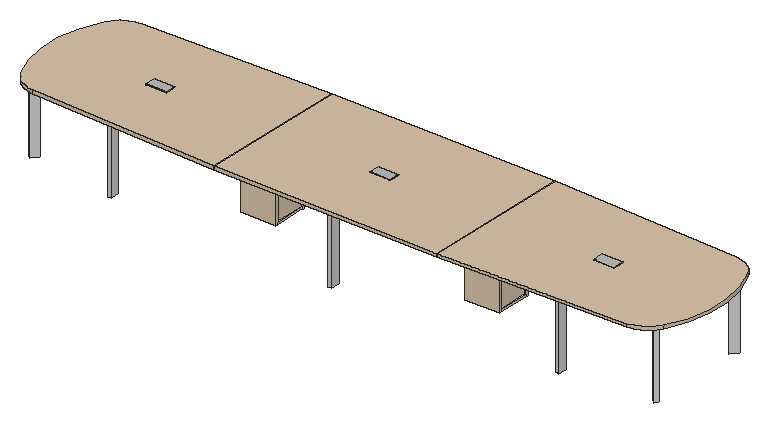
Revit family "Haworth_Planes_ConferenceTable_PebbleThreePiece", category Furniture Systems, Revit 2018 (continued)
Definition of nested family "Haworth_Planes_Worksurface_Pebble_3Piece_PART"
  Definition of nested family "Haworth_Planes_Worksurface_Pebble54_3Pieces_Part"
    Lines and regions (in)
      Masking region 8, visible <- "228w"
        outline origin (-303.59217, -487.22586, 0) x (1, 0, 0) y (0, 1, 0)
          loop
            arc (193.36233, 519.11636) -> (190.07217, 502.22586) -> (193.36233, 485.33535) r 45
            arc (193.36233, 485.33535) -> (197.34768, 480.19276) -> (203.43105, 477.88586) r 12
            arc (203.43105, 477.88586) -> (233.81499, 476.01112) -> (264.2503, 475.38586) r 741.0463
            line (264.2503, 475.38586) -> (342.93404, 475.38586)
            arc (342.93404, 475.38586) -> (373.36935, 476.01112) -> (403.75329, 477.88586) r 741.0463
            arc (403.75329, 477.88586) -> (409.83666, 480.19276) -> (413.82201, 485.33535) r 12
            arc (413.82201, 485.33535) -> (417.11217, 502.22586) -> (413.82201, 519.11636) r 45
            arc (413.82201, 519.11636) -> (409.83666, 524.25895) -> (403.75329, 526.56586) r 12
            arc (403.75329, 526.56586) -> (373.36935, 528.44059) -> (342.93404, 529.06586) r 741.0463
            line (342.93404, 529.06586) -> (264.2503, 529.06586)
            arc (264.2503, 529.06586) -> (233.81499, 528.44059) -> (203.43105, 526.56586) r 741.0463
            arc (203.43105, 526.56586) -> (197.34768, 524.25895) -> (193.36233, 519.11636) r 12
      Masking region 9, visible <- "234w"
        outline origin (-302.7499, -543.20476, 0) x (1, 0, 0) y (0, 1, 0)
          loop
            arc (189.52006, 575.09527) -> (186.2299, 558.20476) -> (189.52006, 541.31426) r 45
            arc (189.52006, 541.31426) -> (193.5054, 536.17167) -> (199.58878, 533.86476) r 12
            arc (199.58878, 533.86476) -> (230.97309, 531.99001) -> (262.40714, 531.36476) r 790.4793
            line (262.40714, 531.36476) -> (343.09266, 531.36476)
            arc (343.09266, 531.36476) -> (374.5267, 531.99001) -> (405.91102, 533.86476) r 790.4793
            arc (405.91102, 533.86476) -> (411.99439, 536.17167) -> (415.97974, 541.31426) r 12
            arc (415.97974, 541.31426) -> (419.2699, 558.20476) -> (415.97974, 575.09527) r 45
            arc (415.97974, 575.09527) -> (411.99439, 580.23786) -> (405.91102, 582.54476) r 12
            arc (405.91102, 582.54476) -> (374.5267, 584.41951) -> (343.09266, 585.04476) r 790.4793
            line (343.09266, 585.04476) -> (262.40714, 585.04476)
            arc (262.40714, 585.04476) -> (230.97309, 584.41951) -> (199.58878, 582.54476) r 790.4793
            arc (199.58878, 582.54476) -> (193.5054, 580.23786) -> (189.52006, 575.09527) r 12
      Masking region 10, visible <- "240w"
        outline origin (-303.14346, -599.15381, 0) x (1, 0, 0) y (0, 1, 0)
          loop
            arc (186.91362, 631.04431) -> (183.62346, 614.15381) -> (186.91362, 597.26331) r 45
            arc (186.91362, 597.26331) -> (190.89897, 592.12072) -> (196.98234, 589.81381) r 12
            arc (196.98234, 589.81381) -> (229.36699, 587.93904) -> (261.79984, 587.31381) r 841.51153
            line (261.79984, 587.31381) -> (344.48709, 587.31381)
            arc (344.48709, 587.31381) -> (376.91994, 587.93904) -> (409.30459, 589.81381) r 841.51153
            arc (409.30459, 589.81381) -> (415.38796, 592.12072) -> (419.37331, 597.26331) r 12
            arc (419.37331, 597.26331) -> (422.66346, 614.15381) -> (419.37331, 631.04431) r 45
            arc (419.37331, 631.04431) -> (415.38796, 636.1869) -> (409.30459, 638.49381) r 12
            arc (409.30459, 638.49381) -> (376.91994, 640.36858) -> (344.48709, 640.99381) r 841.51153
            line (344.48709, 640.99381) -> (261.79984, 640.99381)
            arc (261.79984, 640.99381) -> (229.36699, 640.36858) -> (196.98234, 638.49381) r 841.51153
            arc (196.98234, 638.49381) -> (190.89897, 636.1869) -> (186.91362, 631.04431) r 12
      Masking region 11, visible <- "246w"
        outline origin (-302.15763, -660.53693, 0) x (1, 0, 0) y (0, 1, 0)
          loop
            arc (182.92779, 692.42744) -> (179.63763, 675.53693) -> (182.92779, 658.64643) r 45
            arc (182.92779, 658.64643) -> (186.91314, 653.50384) -> (192.99651, 651.19693) r 12
            arc (192.99651, 651.19693) -> (226.38146, 649.32215) -> (259.81316, 648.69693) r 894.14298
            line (259.81316, 648.69693) -> (344.5021, 648.69693)
            arc (344.5021, 648.69693) -> (377.9338, 649.32215) -> (411.31875, 651.19693) r 894.14298
            arc (411.31875, 651.19693) -> (417.40213, 653.50384) -> (421.38747, 658.64643) r 12
            arc (421.38747, 658.64643) -> (424.67763, 675.53693) -> (421.38747, 692.42744) r 45
            arc (421.38747, 692.42744) -> (417.40213, 697.57002) -> (411.31875, 699.87693) r 12
            arc (411.31875, 699.87693) -> (377.9338, 701.75171) -> (344.5021, 702.37693) r 894.14298
            line (344.5021, 702.37693) -> (259.81316, 702.37693)
            arc (259.81316, 702.37693) -> (226.38146, 701.75171) -> (192.99651, 699.87693) r 894.14298
            arc (192.99651, 699.87693) -> (186.91314, 697.57002) -> (182.92779, 692.42744) r 12
      Masking region 12, visible <- "252w"
        outline origin (-303.51172, -719.4057, 0) x (1, 0, 0) y (0, 1, 0)
          loop
            arc (181.28187, 751.2962) -> (177.99172, 734.4057) -> (181.28187, 717.51519) r 45
            arc (181.28187, 717.51519) -> (185.26722, 712.3726) -> (191.35059, 710.0657) r 12
            arc (191.35059, 710.0657) -> (225.73845, 708.19081) -> (260.17172, 707.5657) r 948.37366
            line (260.17172, 707.5657) -> (346.85172, 707.5657)
            arc (346.85172, 707.5657) -> (381.28498, 708.19081) -> (415.67284, 710.0657) r 948.37366
            arc (415.67284, 710.0657) -> (421.75621, 712.3726) -> (425.74156, 717.51519) r 12
            arc (425.74156, 717.51519) -> (429.03172, 734.4057) -> (425.74156, 751.2962) r 45
            arc (425.74156, 751.2962) -> (421.75621, 756.43879) -> (415.67284, 758.7457) r 12
            arc (415.67284, 758.7457) -> (381.28497, 760.62059) -> (346.8517, 761.2457) r 948.37366
            line (346.8517, 761.2457) -> (260.17173, 761.2457)
            arc (260.17173, 761.2457) -> (225.73846, 760.62059) -> (191.35059, 758.7457) r 948.37366
            arc (191.35059, 758.7457) -> (185.26722, 756.43879) -> (181.28187, 751.2962) r 12
      Masking region 13, visible <- "258w"
        outline origin (-301.48059, -778.27446, 0) x (1, 0, 0) y (0, 1, 0)
          loop
            arc (176.25075, 810.16497) -> (172.96059, 793.27446) -> (176.25075, 776.38396) r 45
            arc (176.25075, 776.38396) -> (180.2361, 771.24137) -> (186.31947, 768.93446) r 12
            arc (186.31947, 768.93446) -> (221.70797, 767.05955) -> (257.14059, 766.43446) r 1004.20356
            line (257.14059, 766.43446) -> (345.82059, 766.43446)
            arc (345.82059, 766.43446) -> (381.25321, 767.05955) -> (416.64171, 768.93446) r 1004.20356
            arc (416.64171, 768.93446) -> (422.72509, 771.24137) -> (426.71043, 776.38396) r 12
            arc (426.71043, 776.38396) -> (430.00059, 793.27446) -> (426.71043, 810.16497) r 45
            arc (426.71043, 810.16497) -> (422.72509, 815.30756) -> (416.64171, 817.61446) r 12
            arc (416.64171, 817.61446) -> (381.2532, 819.48938) -> (345.82058, 820.11446) r 1004.20356
            line (345.82058, 820.11446) -> (257.14061, 820.11446)
            arc (257.14061, 820.11446) -> (221.70798, 819.48938) -> (186.31947, 817.61446) r 1004.20356
            arc (186.31947, 817.61446) -> (180.2361, 815.30756) -> (176.25075, 810.16497) r 12
      Masking region 14, visible <- "264w"
        outline origin (-300.95179, -836.17506, 0) x (1, 0, 0) y (0, 1, 0)
          loop
            arc (172.72194, 868.06556) -> (169.43179, 851.17506) -> (172.72194, 834.28455) r 45
            arc (172.72194, 834.28455) -> (176.70729, 829.14197) -> (182.79066, 826.83506) r 12
            arc (182.79066, 826.83506) -> (219.17977, 824.96012) -> (255.61179, 824.33506) r 1061.63269
            line (255.61179, 824.33506) -> (346.29179, 824.33506)
            arc (346.29179, 824.33506) -> (382.7238, 824.96012) -> (419.11291, 826.83506) r 1061.63269
            arc (419.11291, 826.83506) -> (425.19628, 829.14197) -> (429.18163, 834.28455) r 12
            arc (429.18163, 834.28455) -> (432.47179, 851.17506) -> (429.18163, 868.06556) r 45
            arc (429.18163, 868.06556) -> (425.19628, 873.20815) -> (419.11291, 875.51506) r 12
            arc (419.11291, 875.51506) -> (382.72379, 877.38999) -> (346.29177, 878.01506) r 1061.63269
            line (346.29177, 878.01506) -> (255.6118, 878.01506)
            arc (255.6118, 878.01506) -> (219.17978, 877.38999) -> (182.79066, 875.51506) r 1061.63269
            arc (182.79066, 875.51506) -> (176.70729, 873.20815) -> (172.72194, 868.06556) r 12
      Masking region 15, visible <- "270w"
        outline origin (-300.83545, -897.80155, 0) x (1, 0, 0) y (0, 1, 0)
          loop
            arc (169.60561, 929.69205) -> (166.31545, 912.80155) -> (169.60561, 895.91105) r 45
            arc (169.60561, 895.91105) -> (173.59096, 890.76846) -> (179.67433, 888.46155) r 12
            arc (179.67433, 888.46155) -> (217.06401, 886.5866) -> (254.49545, 885.96155) r 1120.66105
            line (254.49545, 885.96155) -> (347.17545, 885.96155)
            arc (347.17545, 885.96155) -> (384.6069, 886.5866) -> (421.99657, 888.46155) r 1120.66105
            arc (421.99657, 888.46155) -> (428.07995, 890.76846) -> (432.06529, 895.91105) r 12
            arc (432.06529, 895.91105) -> (435.35545, 912.80155) -> (432.06529, 929.69205) r 45
            arc (432.06529, 929.69205) -> (428.07995, 934.83464) -> (421.99657, 937.14155) r 12
            arc (421.99657, 937.14155) -> (384.60689, 939.0165) -> (347.17544, 939.64155) r 1120.66105
            line (347.17544, 939.64155) -> (254.49547, 939.64155)
            arc (254.49547, 939.64155) -> (217.06402, 939.0165) -> (179.67433, 937.14155) r 1120.66105
            arc (179.67433, 937.14155) -> (173.59096, 934.83464) -> (169.60561, 929.69205) r 12
      symbolic lines, visible <- "186w", detail levels medium+fine
        curve 1: line (-30.84, 41.83746, 0) -> (-30.84, -11.83746, 0)
        curve 2: line (30.84, -11.83746, 0) -> (30.84, 41.83746, 0)
      symbolic lines, visible <- "192w", detail levels medium+fine
        curve 3: line (31.84, -11.83766, 0) -> (31.84, 41.83766, 0)
        curve 4: line (-31.84, 41.83766, 0) -> (-31.84, -11.83766, 0)
      symbolic lines, visible <- "198w", detail levels medium+fine
        curve 5: line (-32.84, 41.83784, 0) -> (-32.84, -11.83784, 0)
        curve 6: line (32.84, -11.83784, 0) -> (32.84, 41.83784, 0)
      symbolic lines, visible <- "204w", detail levels medium+fine
        curve 7: line (33.84, -11.83799, 0) -> (33.84, 41.83799, 0)
        curve 8: line (-33.84, 41.83799, 0) -> (-33.84, -11.83799, 0)
      symbolic lines, visible <- "210w", detail levels medium+fine
        curve 9: line (-34.84, 41.83813, 0) -> (-34.84, -11.83813, 0)
        curve 10: line (34.84, -11.83813, 0) -> (34.84, 41.83813, 0)
      symbolic lines, visible <- "216w", detail levels medium+fine
        curve 11: line (35.84, -12.26898, 0) -> (35.84, 41.40754, 0)
        curve 12: line (-35.84, 41.40754, 0) -> (-35.84, -12.26898, 0)
      symbolic lines, visible <- "222w", detail levels medium+fine
        curve 13: line (-36.84, 41.83838, 0) -> (-36.84, -11.83838, 0)
        curve 14: line (36.84, -11.83838, 0) -> (36.84, 41.83838, 0)
      symbolic lines, visible <- "228w", detail levels medium+fine
        curve 15: line (37.84, -11.83848, 0) -> (37.84, 41.83848, 0)
        curve 16: line (-37.84, 41.83848, 0) -> (-37.84, -11.83848, 0)
      symbolic lines, visible <- "234w", detail levels medium+fine
        curve 17: line (-38.84, 41.83857, 0) -> (-38.84, -11.83857, 0)
        curve 18: line (38.84, -11.83857, 0) -> (38.84, 41.83857, 0)
      symbolic lines, visible <- "240w", detail levels medium+fine
        curve 19: line (39.84, -11.83866, 0) -> (39.84, 41.83866, 0)
        curve 20: line (-39.84, 41.83866, 0) -> (-39.84, -11.83866, 0)
      symbolic lines, visible <- "246w", detail levels medium+fine
        curve 21: line (-40.84, 41.83873, 0) -> (-40.84, -11.83873, 0)
        curve 22: line (40.84, -11.83873, 0) -> (40.84, 41.83873, 0)
      symbolic lines, visible <- "252w", detail levels medium+fine
        curve 23: line (41.84, -11.83881, 0) -> (41.84, 41.83881, 0)
        curve 24: line (-41.84, 41.83881, 0) -> (-41.84, -11.83881, 0)
      symbolic lines, visible <- "258w", detail levels medium+fine
        curve 25: line (-42.84, 41.83887, 0) -> (-42.84, -11.83887, 0)
        curve 26: line (42.84, -11.83887, 0) -> (42.84, 41.83887, 0)
      symbolic lines, visible <- "264w", detail levels medium+fine
        curve 27: line (43.84, -11.83893, 0) -> (43.84, 41.83893, 0)
        curve 28: line (-43.84, 41.83893, 0) -> (-43.84, -11.83893, 0)
      symbolic lines, visible <- "270w", detail levels medium+fine
        curve 29: line (-44.84, 41.83899, 0) -> (-44.84, -11.83899, 0)
        curve 30: line (44.84, -11.83899, 0) -> (44.84, 41.83899, 0)
    Dimensions and locks (in)
      "Thickness": plane 4 "Table Top" to plane 5 "Table Bottom"
      "Actual Height": plane 4 "Table Top" to level
      "Cutout Dimension": plane 6 "Cutout Top" to plane 7 "Cutout Bottom"
      plane 6 "Cutout Top" to plane 4 "Table Top" = 1"
      locked: plane 4 "Table Top" to plane 8 "KnifeEdge Middle" at 0.375
      aligned and locked: plane 4 "Table Top" to Extrusion 15
      aligned and locked: Extrusion 14 to Extrusion 15
      aligned and locked: plane 4 "Table Top" to Extrusion 12
      aligned and locked: plane 4 "Table Top" to Extrusion 11
      aligned and locked: plane 4 "Table Top" to Extrusion 10
      aligned and locked: plane 4 "Table Top" to Extrusion 9
      aligned and locked: plane 4 "Table Top" to Extrusion 8
      aligned and locked: plane 4 "Table Top" to Extrusion 7
      aligned and locked: plane 4 "Table Top" to Extrusion 6
      aligned and locked: plane 4 "Table Top" to Extrusion 5
      aligned and locked: plane 4 "Table Top" to Extrusion 4
      aligned and locked: plane 4 "Table Top" to Extrusion 3
      aligned and locked: plane 4 "Table Top" to Extrusion 2
      aligned and locked: plane 4 "Table Top" to Extrusion 1
      aligned and locked: plane 4 "Table Top" to Extrusion 30
      aligned and locked: plane 4 "Table Top" to Extrusion 29
      aligned and locked: plane 4 "Table Top" to Extrusion 28
      aligned and locked: plane 4 "Table Top" to Extrusion 27
      aligned and locked: plane 4 "Table Top" to Extrusion 26
      aligned and locked: plane 4 "Table Top" to Extrusion 25
      aligned and locked: plane 4 "Table Top" to Extrusion 24
      aligned and locked: plane 4 "Table Top" to Extrusion 23
      aligned and locked: plane 4 "Table Top" to Extrusion 22
      aligned and locked: plane 4 "Table Top" to Extrusion 21
      aligned and locked: plane 4 "Table Top" to Extrusion 20
      aligned and locked: plane 4 "Table Top" to Extrusion 19
      aligned and locked: plane 4 "Table Top" to Extrusion 18
      aligned and locked: plane 4 "Table Top" to Extrusion 17
      aligned and locked: plane 4 "Table Top" to Extrusion 16
      aligned and locked: Extrusion 15 to plane 5 "Table Bottom"
      aligned and locked: Extrusion 14 to plane 5 "Table Bottom"
      aligned and locked: Extrusion 13 to plane 5 "Table Bottom"
      aligned and locked: Extrusion 12 to plane 5 "Table Bottom"
      aligned and locked: Extrusion 11 to plane 5 "Table Bottom"
      aligned and locked: Extrusion 10 to plane 5 "Table Bottom"
      aligned and locked: Extrusion 9 to plane 5 "Table Bottom"
      aligned and locked: Extrusion 8 to plane 5 "Table Bottom"
      aligned and locked: Extrusion 7 to plane 5 "Table Bottom"
      aligned and locked: Extrusion 6 to plane 5 "Table Bottom"
      aligned and locked: Extrusion 5 to plane 5 "Table Bottom"
      aligned and locked: Extrusion 4 to plane 5 "Table Bottom"
      aligned and locked: Extrusion 3 to plane 5 "Table Bottom"
      aligned and locked: Extrusion 2 to plane 5 "Table Bottom"
      aligned and locked: Extrusion 1 to plane 5 "Table Bottom"
      aligned and locked: Extrusion 30 to plane 5 "Table Bottom"
      aligned and locked: Extrusion 29 to plane 5 "Table Bottom"
      aligned and locked: Extrusion 28 to plane 5 "Table Bottom"
      aligned and locked: Extrusion 27 to plane 5 "Table Bottom"
      aligned and locked: Extrusion 26 to plane 5 "Table Bottom"
      aligned and locked: Extrusion 25 to plane 5 "Table Bottom"
      aligned and locked: Extrusion 24 to plane 5 "Table Bottom"
      aligned and locked: Extrusion 23 to plane 5 "Table Bottom"
      aligned and locked: Extrusion 22 to plane 5 "Table Bottom"
      aligned and locked: Extrusion 21 to plane 5 "Table Bottom"
      aligned and locked: Extrusion 20 to plane 5 "Table Bottom"
      aligned and locked: Extrusion 19 to plane 5 "Table Bottom"
      aligned and locked: Extrusion 18 to plane 5 "Table Bottom"
      aligned and locked: Extrusion 17 to plane 5 "Table Bottom"
      aligned and locked: Extrusion 16 to plane 5 "Table Bottom"
    Automatic sketch dimensions
      Extrusion 1 sketch curve to Extrusion 1 sketch curve = 0"  (x11)
      Extrusion 1 sketch curve to Extrusion 1 sketch curve = 64.6693"  (x2)
      Extrusion 1 sketch curve to Extrusion 1 sketch curve = 30.58814"  (x2)
      plane 1 "Center F/B" to Extrusion 1 sketch curve = 12.38409"  (x2)
      Extrusion 1 sketch curve to Extrusion 1 sketch curve = 12.38409"  (x2)
      Extrusion 1 sketch curve to Extrusion 1 sketch curve = 24.76818"  (x2)
      Extrusion 1 sketch curve to Extrusion 1 sketch curve = 11.12296"  (x2)
      Extrusion 1 sketch curve to Extrusion 1 sketch curve = 16.68"  (x2)
      Extrusion 1 sketch curve to Extrusion 1 sketch curve = 1.28399"  (x2)
      Extrusion 1 sketch curve to Extrusion 1 sketch curve = 26.83746"  (x2)
      Extrusion 1 sketch curve to plane 3 "Center L/R" = 78.10814"
      Extrusion 1 sketch curve to plane 3 "Center L/R" = 32.33465"  (x2)
      Extrusion 2 sketch curve to Extrusion 2 sketch curve = 0"  (x9)
      Extrusion 2 sketch curve to Extrusion 2 sketch curve = 30.58776"  (x2)
      Extrusion 2 sketch curve to Extrusion 2 sketch curve = 18.68"  (x2)
      Extrusion 2 sketch curve to Extrusion 2 sketch curve = 63.68"
      Extrusion 2 sketch curve to Extrusion 2 sketch curve = 66.67163"  (x2)
      plane 1 "Center F/B" to Extrusion 2 sketch curve = 451.19208"
      plane 1 "Center F/B" to Extrusion 2 sketch curve = 26.83766"
      Extrusion 2 sketch curve to Extrusion 2 sketch curve = 14.45262"  (x2)
      Extrusion 2 sketch curve to Extrusion 2 sketch curve = 26.83766"  (x4)
      Extrusion 2 sketch curve to Extrusion 2 sketch curve = 24.77007"  (x2)
      Extrusion 2 sketch curve to Extrusion 2 sketch curve = 11.12282"  (x2)
      Extrusion 2 sketch curve to plane 3 "Center L/R" = 81.10776"
      Extrusion 2 sketch curve to plane 3 "Center L/R" = 33.33582"  (x2)
      Extrusion 2 sketch curve to Extrusion 2 sketch curve = 424.35442"
      Extrusion 3 sketch curve to Extrusion 3 sketch curve = 0"  (x10)
      Extrusion 3 sketch curve to Extrusion 3 sketch curve = 30.5875"  (x2)
      Extrusion 3 sketch curve to Extrusion 3 sketch curve = 65.68"
      Extrusion 3 sketch curve to Extrusion 3 sketch curve = 68.67386"  (x2)
      Extrusion 3 sketch curve to Extrusion 3 sketch curve = 20.68"  (x2)
      plane 1 "Center F/B" to Extrusion 3 sketch curve = 491.02972"
      plane 1 "Center F/B" to Extrusion 3 sketch curve = 26.83784"
      Extrusion 3 sketch curve to Extrusion 3 sketch curve = 14.45216"  (x2)
      Extrusion 3 sketch curve to Extrusion 3 sketch curve = 12.38568"  (x2)
      Extrusion 3 sketch curve to Extrusion 3 sketch curve = 24.77136"  (x2)
      Extrusion 3 sketch curve to Extrusion 3 sketch curve = 26.83784"  (x2)
      Extrusion 3 sketch curve to Extrusion 3 sketch curve = 11.12273"
      Extrusion 3 sketch curve to plane 3 "Center L/R" = 84.1075"
      Extrusion 3 sketch curve to plane 3 "Center L/R" = 34.33693"  (x2)
      Extrusion 3 sketch curve to Extrusion 3 sketch curve = 464.19188"
      Extrusion 4 sketch curve to Extrusion 4 sketch curve = 0"  (x9)
      Extrusion 4 sketch curve to Extrusion 4 sketch curve = 30.58733"  (x2)
      Extrusion 4 sketch curve to Extrusion 4 sketch curve = 22.68"  (x2)
      Extrusion 4 sketch curve to Extrusion 4 sketch curve = 67.68"
      Extrusion 4 sketch curve to Extrusion 4 sketch curve = 70.67599"  (x2)
      plane 1 "Center F/B" to Extrusion 4 sketch curve = 532.46658"
      plane 1 "Center F/B" to Extrusion 4 sketch curve = 26.83799"
      Extrusion 4 sketch curve to Extrusion 4 sketch curve = 14.45191"  (x2)
      Extrusion 4 sketch curve to Extrusion 4 sketch curve = 12.38609"  (x2)
      Extrusion 4 sketch curve to Extrusion 4 sketch curve = 24.77217"  (x2)
      Extrusion 4 sketch curve to Extrusion 4 sketch curve = 26.83799"  (x2)
      Extrusion 4 sketch curve to Extrusion 4 sketch curve = 11.12267"  (x2)
      Extrusion 4 sketch curve to plane 3 "Center L/R" = 87.10733"
      Extrusion 4 sketch curve to plane 3 "Center L/R" = 35.33799"  (x2)
      Extrusion 4 sketch curve to Extrusion 4 sketch curve = 505.62859"
      Extrusion 5 sketch curve to Extrusion 5 sketch curve = 0"  (x10)
      Extrusion 5 sketch curve to Extrusion 5 sketch curve = 30.58724"  (x2)
      Extrusion 5 sketch curve to Extrusion 5 sketch curve = 69.68"
      Extrusion 5 sketch curve to Extrusion 5 sketch curve = 72.67803"  (x2)
      Extrusion 5 sketch curve to Extrusion 5 sketch curve = 24.68"  (x2)
      plane 1 "Center F/B" to Extrusion 5 sketch curve = 575.50267"
      plane 1 "Center F/B" to Extrusion 5 sketch curve = 26.83813"
      Extrusion 5 sketch curve to Extrusion 5 sketch curve = 14.45183"  (x2)
      Extrusion 5 sketch curve to Extrusion 5 sketch curve = 12.3863"  (x2)
      Extrusion 5 sketch curve to Extrusion 5 sketch curve = 24.77261"  (x2)
      Extrusion 5 sketch curve to Extrusion 5 sketch curve = 26.83813"  (x2)
      Extrusion 5 sketch curve to Extrusion 5 sketch curve = 11.12263"
      Extrusion 5 sketch curve to plane 3 "Center L/R" = 90.10724"
      Extrusion 5 sketch curve to plane 3 "Center L/R" = 36.33902"  (x2)
      Extrusion 5 sketch curve to Extrusion 5 sketch curve = 548.66454"
      Extrusion 6 sketch curve to Extrusion 6 sketch curve = 0"  (x10)
      Extrusion 6 sketch curve to Extrusion 6 sketch curve = 30.58722"  (x2)
      Extrusion 6 sketch curve to Extrusion 6 sketch curve = 26.68"  (x2)
      Extrusion 6 sketch curve to Extrusion 6 sketch curve = 74.68"  (x2)
      plane 1 "Center F/B" to Extrusion 6 sketch curve = 620.56871"
      plane 1 "Center F/B" to Extrusion 6 sketch curve = 27.26898"
      Extrusion 6 sketch curve to Extrusion 6 sketch curve = 14.45189"  (x2)
      Extrusion 6 sketch curve to Extrusion 6 sketch curve = 12.38637"  (x2)
      Extrusion 6 sketch curve to Extrusion 6 sketch curve = 24.77274"  (x2)
      Extrusion 6 sketch curve to Extrusion 6 sketch curve = 26.83826"  (x2)
      Extrusion 6 sketch curve to Extrusion 6 sketch curve = 11.12262"
      Extrusion 6 sketch curve to plane 3 "Center L/R" = 93.10722"
      Extrusion 6 sketch curve to plane 3 "Center L/R" = 37.34"  (x2)
      Extrusion 6 sketch curve to Extrusion 6 sketch curve = 71.68"
      Extrusion 6 sketch curve to Extrusion 6 sketch curve = 593.29973"
      Extrusion 7 sketch curve to Extrusion 7 sketch curve = 0"  (x10)
      Extrusion 7 sketch curve to Extrusion 7 sketch curve = 30.58724"  (x2)
      Extrusion 7 sketch curve to Extrusion 7 sketch curve = 73.68"
      Extrusion 7 sketch curve to Extrusion 7 sketch curve = 76.6819"  (x2)
      Extrusion 7 sketch curve to Extrusion 7 sketch curve = 28.68"  (x2)
      plane 1 "Center F/B" to Extrusion 7 sketch curve = 666.37253"
      plane 1 "Center F/B" to Extrusion 7 sketch curve = 26.83838"
      Extrusion 7 sketch curve to Extrusion 7 sketch curve = 14.45206"  (x2)
      Extrusion 7 sketch curve to Extrusion 7 sketch curve = 12.38631"  (x2)
      Extrusion 7 sketch curve to Extrusion 7 sketch curve = 24.77263"  (x2)
      Extrusion 7 sketch curve to Extrusion 7 sketch curve = 26.83838"  (x2)
      Extrusion 7 sketch curve to Extrusion 7 sketch curve = 11.12263"
      Extrusion 7 sketch curve to plane 3 "Center L/R" = 96.10724"
      Extrusion 7 sketch curve to plane 3 "Center L/R" = 38.34095"  (x2)
      Extrusion 7 sketch curve to Extrusion 7 sketch curve = 639.53416"
      Extrusion 8 sketch curve to Extrusion 8 sketch curve = 0"  (x9)
      Extrusion 8 sketch curve to Extrusion 8 sketch curve = 30.5873"  (x2)
      Extrusion 8 sketch curve to Extrusion 8 sketch curve = 30.68"  (x2)
      Extrusion 8 sketch curve to Extrusion 8 sketch curve = 75.68"
      Extrusion 8 sketch curve to Extrusion 8 sketch curve = 78.68374"  (x2)
      plane 1 "Center F/B" to Extrusion 8 sketch curve = 714.2063"
      plane 1 "Center F/B" to Extrusion 8 sketch curve = 26.83848"
      Extrusion 8 sketch curve to Extrusion 8 sketch curve = 14.45232"  (x2)
      Extrusion 8 sketch curve to Extrusion 8 sketch curve = 12.38616"  (x2)
      Extrusion 8 sketch curve to Extrusion 8 sketch curve = 24.77232"  (x2)
      Extrusion 8 sketch curve to Extrusion 8 sketch curve = 26.83848"  (x2)
      Extrusion 8 sketch curve to Extrusion 8 sketch curve = 11.12266"  (x2)
      Extrusion 8 sketch curve to plane 3 "Center L/R" = 99.1073"
      Extrusion 8 sketch curve to plane 3 "Center L/R" = 39.34187"  (x2)
      Extrusion 8 sketch curve to Extrusion 8 sketch curve = 687.36783"
      Extrusion 9 sketch curve to Extrusion 9 sketch curve = 0"  (x9)
      Extrusion 9 sketch curve to Extrusion 9 sketch curve = 30.5874"  (x2)
      Extrusion 9 sketch curve to Extrusion 9 sketch curve = 32.68"  (x2)
      Extrusion 9 sketch curve to Extrusion 9 sketch curve = 77.68"
      Extrusion 9 sketch curve to Extrusion 9 sketch curve = 80.68552"  (x2)
      plane 1 "Center F/B" to Extrusion 9 sketch curve = 763.6393"
      plane 1 "Center F/B" to Extrusion 9 sketch curve = 26.83857"
      Extrusion 9 sketch curve to Extrusion 9 sketch curve = 14.45265"  (x2)
      Extrusion 9 sketch curve to Extrusion 9 sketch curve = 12.38593"  (x2)
      Extrusion 9 sketch curve to Extrusion 9 sketch curve = 24.77185"  (x2)
      Extrusion 9 sketch curve to Extrusion 9 sketch curve = 26.83857"  (x2)
      Extrusion 9 sketch curve to Extrusion 9 sketch curve = 11.12269"  (x2)
      Extrusion 9 sketch curve to plane 3 "Center L/R" = 102.1074"
      Extrusion 9 sketch curve to plane 3 "Center L/R" = 40.34276"  (x2)
      Extrusion 9 sketch curve to Extrusion 9 sketch curve = 736.80073"
      Extrusion 10 sketch curve to Extrusion 10 sketch curve = 0"  (x10)
      Extrusion 10 sketch curve to Extrusion 10 sketch curve = 30.58752"  (x2)
      Extrusion 10 sketch curve to Extrusion 10 sketch curve = 79.68"
      Extrusion 10 sketch curve to Extrusion 10 sketch curve = 82.68725"  (x2)
      Extrusion 10 sketch curve to Extrusion 10 sketch curve = 34.68"  (x2)
      plane 1 "Center F/B" to Extrusion 10 sketch curve = 814.67153"
      plane 1 "Center F/B" to Extrusion 10 sketch curve = 26.83866"
      Extrusion 10 sketch curve to Extrusion 10 sketch curve = 14.45303"  (x2)
      Extrusion 10 sketch curve to Extrusion 10 sketch curve = 12.38563"  (x2)
      Extrusion 10 sketch curve to Extrusion 10 sketch curve = 24.77126"  (x2)
      Extrusion 10 sketch curve to Extrusion 10 sketch curve = 26.83866"  (x2)
      Extrusion 10 sketch curve to Extrusion 10 sketch curve = 11.12273"
      Extrusion 10 sketch curve to plane 3 "Center L/R" = 105.10752"
      Extrusion 10 sketch curve to plane 3 "Center L/R" = 41.34363"  (x2)
      Extrusion 10 sketch curve to Extrusion 10 sketch curve = 787.83287"
      Extrusion 11 sketch curve to Extrusion 11 sketch curve = 0"  (x10)
      Extrusion 11 sketch curve to Extrusion 11 sketch curve = 30.58766"  (x2)
      Extrusion 11 sketch curve to Extrusion 11 sketch curve = 36.68"  (x2)
      Extrusion 11 sketch curve to Extrusion 11 sketch curve = 84.68894"  (x2)
      plane 1 "Center F/B" to Extrusion 11 sketch curve = 867.30298"
      plane 1 "Center F/B" to Extrusion 11 sketch curve = 26.83873"
      Extrusion 11 sketch curve to Extrusion 11 sketch curve = 14.45345"  (x2)
      Extrusion 11 sketch curve to Extrusion 11 sketch curve = 12.38528"  (x2)
      Extrusion 11 sketch curve to Extrusion 11 sketch curve = 24.77057"  (x2)
      Extrusion 11 sketch curve to Extrusion 11 sketch curve = 26.83873"  (x2)
      Extrusion 11 sketch curve to Extrusion 11 sketch curve = 11.12278"
      Extrusion 11 sketch curve to plane 3 "Center L/R" = 108.10766"
      Extrusion 11 sketch curve to plane 3 "Center L/R" = 42.34447"  (x2)
      Extrusion 11 sketch curve to Extrusion 11 sketch curve = 81.68"
      Extrusion 11 sketch curve to Extrusion 11 sketch curve = 840.46424"
      Extrusion 12 sketch curve to Extrusion 12 sketch curve = 0"  (x10)
      Extrusion 12 sketch curve to Extrusion 12 sketch curve = 30.58781"  (x2)
      Extrusion 12 sketch curve to Extrusion 12 sketch curve = 38.68"  (x2)
      Extrusion 12 sketch curve to Extrusion 12 sketch curve = 86.69059"  (x2)
      plane 1 "Center F/B" to Extrusion 12 sketch curve = 921.53366"
      plane 1 "Center F/B" to Extrusion 12 sketch curve = 26.83881"
      Extrusion 12 sketch curve to Extrusion 12 sketch curve = 14.45391"  (x2)
      Extrusion 12 sketch curve to Extrusion 12 sketch curve = 12.3849"  (x2)
      Extrusion 12 sketch curve to Extrusion 12 sketch curve = 24.7698"  (x2)
      Extrusion 12 sketch curve to Extrusion 12 sketch curve = 26.83881"  (x2)
      Extrusion 12 sketch curve to Extrusion 12 sketch curve = 11.12284"
      Extrusion 12 sketch curve to plane 3 "Center L/R" = 111.10781"
      Extrusion 12 sketch curve to plane 3 "Center L/R" = 43.34529"  (x2)
      Extrusion 12 sketch curve to Extrusion 12 sketch curve = 83.68"
      Extrusion 12 sketch curve to Extrusion 12 sketch curve = 894.69485"
      Extrusion 13 sketch curve to Extrusion 13 sketch curve = 0"  (x9)
      Extrusion 13 sketch curve to Extrusion 13 sketch curve = 30.58798"  (x2)
      Extrusion 13 sketch curve to Extrusion 13 sketch curve = 40.68"  (x2)
      Extrusion 13 sketch curve to Extrusion 13 sketch curve = 85.68"
      Extrusion 13 sketch curve to Extrusion 13 sketch curve = 88.69219"  (x2)
      plane 1 "Center F/B" to Extrusion 13 sketch curve = 977.36356"
      plane 1 "Center F/B" to Extrusion 13 sketch curve = 26.83887"
      Extrusion 13 sketch curve to Extrusion 13 sketch curve = 14.45439"  (x2)
      Extrusion 13 sketch curve to Extrusion 13 sketch curve = 12.38448"  (x2)
      Extrusion 13 sketch curve to Extrusion 13 sketch curve = 24.76896"  (x2)
      Extrusion 13 sketch curve to Extrusion 13 sketch curve = 26.83887"  (x2)
      Extrusion 13 sketch curve to Extrusion 13 sketch curve = 11.1229"  (x2)
      Extrusion 13 sketch curve to plane 3 "Center L/R" = 114.10798"
      Extrusion 13 sketch curve to plane 3 "Center L/R" = 44.3461"  (x2)
      Extrusion 13 sketch curve to Extrusion 13 sketch curve = 950.52469"
      Extrusion 14 sketch curve to Extrusion 14 sketch curve = 0"  (x10)
      Extrusion 14 sketch curve to Extrusion 14 sketch curve = 30.58816"  (x2)
      Extrusion 14 sketch curve to Extrusion 14 sketch curve = 87.68"
      Extrusion 14 sketch curve to Extrusion 14 sketch curve = 90.69377"  (x2)
      Extrusion 14 sketch curve to Extrusion 14 sketch curve = 42.68"  (x2)
      plane 1 "Center F/B" to Extrusion 14 sketch curve = 1034.79269"
      plane 1 "Center F/B" to Extrusion 14 sketch curve = 26.83893"
      Extrusion 14 sketch curve to Extrusion 14 sketch curve = 14.45489"  (x2)
      Extrusion 14 sketch curve to Extrusion 14 sketch curve = 12.38404"  (x2)
      Extrusion 14 sketch curve to Extrusion 14 sketch curve = 24.76808"  (x2)
      Extrusion 14 sketch curve to Extrusion 14 sketch curve = 26.83893"  (x2)
      Extrusion 14 sketch curve to Extrusion 14 sketch curve = 11.12297"
      Extrusion 14 sketch curve to plane 3 "Center L/R" = 117.10816"
      Extrusion 14 sketch curve to plane 3 "Center L/R" = 45.34688"  (x2)
      Extrusion 14 sketch curve to Extrusion 14 sketch curve = 1007.95376"
      Extrusion 15 sketch curve to plane 3 "Center L/R" = 120.10835"
      Extrusion 15 sketch curve to Extrusion 15 sketch curve = 0"  (x11)
      Extrusion 15 sketch curve to Extrusion 15 sketch curve = 30.58835"  (x2)
      Extrusion 15 sketch curve to plane 3 "Center L/R" = 46 89/256"  (x2)
      Extrusion 15 sketch curve to Extrusion 15 sketch curve = 44.68"  (x2)
      Extrusion 15 sketch curve to Extrusion 15 sketch curve = 89.68"
      Extrusion 15 sketch curve to Extrusion 15 sketch curve = 92 89/128"  (x2)
      plane 1 "Center F/B" to Extrusion 15 sketch curve = 1093.82105"
      plane 1 "Center F/B" to Extrusion 15 sketch curve = 26.83899"
      Extrusion 15 sketch curve to Extrusion 15 sketch curve = 14.45541"  (x2)
      Extrusion 15 sketch curve to Extrusion 15 sketch curve = 12.38358"  (x2)
      Extrusion 15 sketch curve to Extrusion 15 sketch curve = 24.76716"  (x2)
      Extrusion 15 sketch curve to Extrusion 15 sketch curve = 26.83899"  (x2)
      Extrusion 15 sketch curve to Extrusion 15 sketch curve = 1066.98207"
      plane 1 "Center F/B" to Extrusion 16 sketch curve = 26.83746"
      Extrusion 16 sketch curve to plane 3 "Center L/R" = 30.84"
      Extrusion 16 sketch curve to Extrusion 16 sketch curve = 61.68"
      Extrusion 16 sketch curve to Extrusion 16 sketch curve = 53.67492"
      plane 1 "Center F/B" to Extrusion 17 sketch curve = 26.83766"
      Extrusion 17 sketch curve to plane 3 "Center L/R" = 31.84"
      Extrusion 17 sketch curve to Extrusion 17 sketch curve = 63.68"
      Extrusion 17 sketch curve to Extrusion 17 sketch curve = 53.67532"
      Extrusion 18 sketch curve to plane 3 "Center L/R" = 32.84"
      Extrusion 18 sketch curve to Extrusion 18 sketch curve = 65.68"
      plane 1 "Center F/B" to Extrusion 18 sketch curve = 26.83784"
      Extrusion 18 sketch curve to Extrusion 18 sketch curve = 53.67567"
      Extrusion 19 sketch curve to plane 3 "Center L/R" = 33.84"
      Extrusion 19 sketch curve to Extrusion 19 sketch curve = 67.68"
      plane 1 "Center F/B" to Extrusion 19 sketch curve = 26.83799"
      Extrusion 19 sketch curve to Extrusion 19 sketch curve = 53.67599"
      Extrusion 20 sketch curve to plane 3 "Center L/R" = 34.84"
      Extrusion 20 sketch curve to Extrusion 20 sketch curve = 69.68"
      plane 1 "Center F/B" to Extrusion 20 sketch curve = 26.83813"
      Extrusion 20 sketch curve to Extrusion 20 sketch curve = 53.67627"
      Extrusion 21 sketch curve to plane 3 "Center L/R" = 35.84"
      Extrusion 21 sketch curve to Extrusion 21 sketch curve = 71.68"
      plane 1 "Center F/B" to Extrusion 21 sketch curve = 27.26898"
      Extrusion 21 sketch curve to Extrusion 21 sketch curve = 53.67652"
      Extrusion 22 sketch curve to plane 3 "Center L/R" = 36.84"
      Extrusion 22 sketch curve to Extrusion 22 sketch curve = 73.68"
      plane 1 "Center F/B" to Extrusion 22 sketch curve = 26.83838"
      Extrusion 22 sketch curve to Extrusion 22 sketch curve = 53.67675"
      Extrusion 23 sketch curve to plane 3 "Center L/R" = 37.84"
      Extrusion 23 sketch curve to Extrusion 23 sketch curve = 75.68"
      plane 1 "Center F/B" to Extrusion 23 sketch curve = 26.83848"
      Extrusion 23 sketch curve to Extrusion 23 sketch curve = 53.67696"
      Extrusion 24 sketch curve to plane 3 "Center L/R" = 38.84"
      Extrusion 24 sketch curve to Extrusion 24 sketch curve = 77.68"
      plane 1 "Center F/B" to Extrusion 24 sketch curve = 26.83857"
      Extrusion 24 sketch curve to Extrusion 24 sketch curve = 53.67714"
      Extrusion 25 sketch curve to plane 3 "Center L/R" = 39.84"
      Extrusion 25 sketch curve to Extrusion 25 sketch curve = 79.68"
      plane 1 "Center F/B" to Extrusion 25 sketch curve = 26.83866"
      Extrusion 25 sketch curve to Extrusion 25 sketch curve = 53.67731"
      Extrusion 26 sketch curve to plane 3 "Center L/R" = 40.84"
      Extrusion 26 sketch curve to Extrusion 26 sketch curve = 81.68"
      plane 1 "Center F/B" to Extrusion 26 sketch curve = 26.83873"
      Extrusion 26 sketch curve to Extrusion 26 sketch curve = 53.67747"
      Extrusion 27 sketch curve to plane 3 "Center L/R" = 41.84"
      Extrusion 27 sketch curve to Extrusion 27 sketch curve = 83.68"
      plane 1 "Center F/B" to Extrusion 27 sketch curve = 26.83881"
      Extrusion 27 sketch curve to Extrusion 27 sketch curve = 53.67761"
      Extrusion 28 sketch curve to plane 3 "Center L/R" = 42.84"
      Extrusion 28 sketch curve to Extrusion 28 sketch curve = 85.68"
      plane 1 "Center F/B" to Extrusion 28 sketch curve = 26.83887"
      Extrusion 28 sketch curve to Extrusion 28 sketch curve = 53.67774"
      Extrusion 29 sketch curve to plane 3 "Center L/R" = 43.84"
      Extrusion 29 sketch curve to Extrusion 29 sketch curve = 87.68"
      plane 1 "Center F/B" to Extrusion 29 sketch curve = 26.83893"
      Extrusion 29 sketch curve to Extrusion 29 sketch curve = 53.67786"
      Extrusion 30 sketch curve to plane 3 "Center L/R" = 44.84"
      Extrusion 30 sketch curve to Extrusion 30 sketch curve = 89.68"
      plane 1 "Center F/B" to Extrusion 30 sketch curve = 26.83899"
      Extrusion 30 sketch curve to Extrusion 30 sketch curve = 53.67797"
      Masking region 1 sketch curve to plane 1 "Center F/B" = 12.38637"
      Masking region 1 sketch curve to plane 3 "Center L/R" = 78.10722"
      Masking region 1 sketch curve to Masking region 1 sketch curve = 0"  (x7)
      Masking region 1 sketch curve to Masking region 1 sketch curve = 30.58722"  (x2)
      Masking region 1 sketch curve to Masking region 1 sketch curve = 15.17999"  (x2)
      Masking region 1 sketch curve to Masking region 1 sketch curve = 15.18"
      Masking region 1 sketch curve to plane 3 "Center L/R" = 32.33465"  (x2)
      Masking region 1 sketch curve to Masking region 1 sketch curve = 64.6693"  (x2)
      Masking region 1 sketch curve to Masking region 1 sketch curve = 64.68002"
      Masking region 1 sketch curve to Masking region 1 sketch curve = 12.38637"  (x2)
      Masking region 1 sketch curve to plane 1 "Center F/B" = 0"
      Masking region 1 sketch curve to Masking region 1 sketch curve = 24.77274"  (x2)
      Masking region 1 sketch curve to Masking region 1 sketch curve = 26.84"  (x2)
      plane 1 "Center F/B" to Masking region 1 sketch curve = 412.95367"
      Masking region 1 sketch curve to Masking region 1 sketch curve = 386.11367"
      Masking region 1 sketch curve to Masking region 1 sketch curve = 1.05391"  (x4)
      Masking region 2 sketch curve to plane 3 "Center L/R" = 81.10722"
      Masking region 2 sketch curve to Masking region 2 sketch curve = 0"  (x7)
      Masking region 2 sketch curve to Masking region 2 sketch curve = 30.58722"  (x2)
      Masking region 2 sketch curve to Masking region 2 sketch curve = 17.17999"  (x2)
      Masking region 2 sketch curve to Masking region 2 sketch curve = 17.18"
      Masking region 2 sketch curve to plane 3 "Center L/R" = 33.33582"  (x2)
      Masking region 2 sketch curve to Masking region 2 sketch curve = 66.67163"  (x2)
      Masking region 2 sketch curve to Masking region 2 sketch curve = 66.68002"
      plane 1 "Center F/B" to Masking region 2 sketch curve = 451.19208"
      plane 1 "Center F/B" to Masking region 2 sketch curve = 26.84"
      Masking region 2 sketch curve to Masking region 2 sketch curve = 14.45363"  (x2)
      Masking region 2 sketch curve to Masking region 2 sketch curve = 26.84"  (x3)
      Masking region 2 sketch curve to Masking region 2 sketch curve = 24.77274"  (x2)
      Masking region 2 sketch curve to Masking region 2 sketch curve = 424.35208"
      Masking region 2 sketch curve to Masking region 2 sketch curve = 1.05391"  (x4)
      Masking region 3 sketch curve to plane 3 "Center L/R" = 84.10722"
      Masking region 3 sketch curve to Masking region 3 sketch curve = 0"  (x7)
      Masking region 3 sketch curve to Masking region 3 sketch curve = 30.58722"  (x2)
      Masking region 3 sketch curve to Masking region 3 sketch curve = 19.18307"  (x3)
      Masking region 3 sketch curve to plane 3 "Center L/R" = 34.33693"  (x2)
      Masking region 3 sketch curve to Masking region 3 sketch curve = 68.67386"  (x3)
      plane 1 "Center F/B" to Masking region 3 sketch curve = 491.02972"
      plane 1 "Center F/B" to Masking region 3 sketch curve = 26.84"
      Masking region 3 sketch curve to Masking region 3 sketch curve = 14.45363"  (x2)
      Masking region 3 sketch curve to Masking region 3 sketch curve = 26.84"  (x3)
      Masking region 3 sketch curve to Masking region 3 sketch curve = 24.77274"  (x2)
      Masking region 3 sketch curve to Masking region 3 sketch curve = 464.18972"
      Masking region 3 sketch curve to Masking region 3 sketch curve = 1.05391"  (x4)
      Masking region 4 sketch curve to plane 3 "Center L/R" = 87.10722"
      Masking region 4 sketch curve to Masking region 4 sketch curve = 0"  (x7)
      Masking region 4 sketch curve to Masking region 4 sketch curve = 30.58722"  (x2)
      Masking region 4 sketch curve to Masking region 4 sketch curve = 21.18201"  (x3)
      Masking region 4 sketch curve to plane 3 "Center L/R" = 35.33799"  (x2)
      Masking region 4 sketch curve to Masking region 4 sketch curve = 70.67599"  (x3)
      plane 1 "Center F/B" to Masking region 4 sketch curve = 532.46658"
      plane 1 "Center F/B" to Masking region 4 sketch curve = 26.84"
      Masking region 4 sketch curve to Masking region 4 sketch curve = 14.45363"  (x2)
      Masking region 4 sketch curve to Masking region 4 sketch curve = 12.38637"  (x2)
      Masking region 4 sketch curve to Masking region 4 sketch curve = 24.77274"  (x2)
      Masking region 4 sketch curve to Masking region 4 sketch curve = 26.84"
      Masking region 4 sketch curve to Masking region 4 sketch curve = 505.62658"
      Masking region 4 sketch curve to Masking region 4 sketch curve = 1.05391"  (x4)
      Masking region 5 sketch curve to plane 3 "Center L/R" = 90.10722"
      Masking region 5 sketch curve to Masking region 5 sketch curve = 0"  (x7)
      Masking region 5 sketch curve to Masking region 5 sketch curve = 30.58722"  (x2)
      Masking region 5 sketch curve to Masking region 5 sketch curve = 23.18098"  (x3)
      Masking region 5 sketch curve to plane 3 "Center L/R" = 36.33902"  (x2)
      Masking region 5 sketch curve to Masking region 5 sketch curve = 72.67803"  (x3)
      plane 1 "Center F/B" to Masking region 5 sketch curve = 575.50267"
      plane 1 "Center F/B" to Masking region 5 sketch curve = 26.84"
      Masking region 5 sketch curve to Masking region 5 sketch curve = 14.45363"  (x2)
      Masking region 5 sketch curve to Masking region 5 sketch curve = 12.38637"  (x2)
      Masking region 5 sketch curve to Masking region 5 sketch curve = 24.77274"  (x2)
      Masking region 5 sketch curve to Masking region 5 sketch curve = 26.84"
      Masking region 5 sketch curve to Masking region 5 sketch curve = 548.66267"
      Masking region 5 sketch curve to Masking region 5 sketch curve = 1.05391"  (x4)
      Masking region 6 sketch curve to plane 3 "Center L/R" = 93.10722"
      Masking region 6 sketch curve to Masking region 6 sketch curve = 0"  (x11)
      Masking region 6 sketch curve to Masking region 6 sketch curve = 30.58722"  (x2)
      Masking region 6 sketch curve to Masking region 6 sketch curve = 25.18"  (x2)
      Masking region 6 sketch curve to plane 3 "Center L/R" = 37.34"
      Masking region 6 sketch curve to Masking region 6 sketch curve = 74.68"
      plane 1 "Center F/B" to Masking region 6 sketch curve = 620.56871"
      plane 1 "Center F/B" to Masking region 6 sketch curve = 27.27072"
      Masking region 6 sketch curve to Masking region 6 sketch curve = 14.45363"  (x2)
      Masking region 6 sketch curve to Masking region 6 sketch curve = 12.38637"  (x2)
      Masking region 6 sketch curve to Masking region 6 sketch curve = 24.77274"  (x2)
      Masking region 6 sketch curve to Masking region 6 sketch curve = 26.84"
      Masking region 6 sketch curve to Masking region 6 sketch curve = 593.29799"
      Masking region 7 sketch curve to plane 3 "Center L/R" = 96.10722"
      Masking region 7 sketch curve to Masking region 7 sketch curve = 0"  (x7)
      Masking region 7 sketch curve to Masking region 7 sketch curve = 30.58722"  (x2)
      Masking region 7 sketch curve to plane 3 "Center L/R" = 38.34095"  (x2)
      Masking region 7 sketch curve to Masking region 7 sketch curve = 27.17905"  (x3)
      Masking region 7 sketch curve to Masking region 7 sketch curve = 76.6819"  (x3)
      plane 1 "Center F/B" to Masking region 7 sketch curve = 666.37253"
      plane 1 "Center F/B" to Masking region 7 sketch curve = 26.84"
      Masking region 7 sketch curve to Masking region 7 sketch curve = 14.45363"  (x2)
      Masking region 7 sketch curve to Masking region 7 sketch curve = 12.38637"  (x2)
      Masking region 7 sketch curve to Masking region 7 sketch curve = 24.77274"  (x2)
      Masking region 7 sketch curve to Masking region 7 sketch curve = 26.84"
      Masking region 7 sketch curve to Masking region 7 sketch curve = 639.53253"
      Masking region 7 sketch curve to Masking region 7 sketch curve = 1.05391"  (x4)
      Masking region 8 sketch curve to plane 3 "Center L/R" = 99.10722"
      Masking region 8 sketch curve to Masking region 8 sketch curve = 0"  (x7)
      Masking region 8 sketch curve to Masking region 8 sketch curve = 30.58722"  (x2)
      Masking region 8 sketch curve to plane 3 "Center L/R" = 39.34187"  (x2)
      Masking region 8 sketch curve to Masking region 8 sketch curve = 29.17813"  (x3)
      Masking region 8 sketch curve to Masking region 8 sketch curve = 78.68374"  (x3)
      plane 1 "Center F/B" to Masking region 8 sketch curve = 714.2063"
      plane 1 "Center F/B" to Masking region 8 sketch curve = 26.84"
      Masking region 8 sketch curve to Masking region 8 sketch curve = 14.45363"  (x2)
      Masking region 8 sketch curve to Masking region 8 sketch curve = 12.38637"  (x2)
      Masking region 8 sketch curve to Masking region 8 sketch curve = 24.77274"  (x2)
      Masking region 8 sketch curve to Masking region 8 sketch curve = 26.84"
      Masking region 8 sketch curve to Masking region 8 sketch curve = 687.3663"
      Masking region 8 sketch curve to Masking region 8 sketch curve = 1.05391"  (x4)
      Masking region 9 sketch curve to plane 3 "Center L/R" = 102.10722"
      Masking region 9 sketch curve to Masking region 9 sketch curve = 0"  (x7)
      Masking region 9 sketch curve to Masking region 9 sketch curve = 30.58722"  (x2)
      Masking region 9 sketch curve to plane 3 "Center L/R" = 40.34276"  (x2)
      Masking region 9 sketch curve to Masking region 9 sketch curve = 31.17724"  (x3)
      Masking region 9 sketch curve to Masking region 9 sketch curve = 80.68552"  (x3)
      plane 1 "Center F/B" to Masking region 9 sketch curve = 763.6393"
      plane 1 "Center F/B" to Masking region 9 sketch curve = 26.84"
      Masking region 9 sketch curve to Masking region 9 sketch curve = 14.45363"  (x2)
      Masking region 9 sketch curve to Masking region 9 sketch curve = 12.38637"  (x2)
      Masking region 9 sketch curve to Masking region 9 sketch curve = 24.77274"  (x2)
      Masking region 9 sketch curve to Masking region 9 sketch curve = 26.84"
      Masking region 9 sketch curve to Masking region 9 sketch curve = 736.7993"
      Masking region 9 sketch curve to Masking region 9 sketch curve = 1.05391"  (x4)
      Masking region 10 sketch curve to plane 3 "Center L/R" = 105.10722"
      Masking region 10 sketch curve to Masking region 10 sketch curve = 0"  (x7)
      Masking region 10 sketch curve to Masking region 10 sketch curve = 30.58722"  (x2)
      Masking region 10 sketch curve to plane 3 "Center L/R" = 41.34363"  (x2)
      Masking region 10 sketch curve to Masking region 10 sketch curve = 33.17637"  (x3)
      Masking region 10 sketch curve to Masking region 10 sketch curve = 82.68725"  (x3)
      plane 1 "Center F/B" to Masking region 10 sketch curve = 814.67153"
      plane 1 "Center F/B" to Masking region 10 sketch curve = 26.84"
      Masking region 10 sketch curve to Masking region 10 sketch curve = 14.45363"  (x2)
      Masking region 10 sketch curve to Masking region 10 sketch curve = 12.38637"  (x2)
      Masking region 10 sketch curve to Masking region 10 sketch curve = 24.77274"  (x2)
      Masking region 10 sketch curve to Masking region 10 sketch curve = 26.84"
      Masking region 10 sketch curve to Masking region 10 sketch curve = 787.83153"
      Masking region 10 sketch curve to Masking region 10 sketch curve = 1.05391"  (x4)
      Masking region 11 sketch curve to plane 3 "Center L/R" = 108.10722"
      Masking region 11 sketch curve to Masking region 11 sketch curve = 0"  (x7)
      Masking region 11 sketch curve to Masking region 11 sketch curve = 30.58722"  (x2)
      plane 1 "Center F/B" to Masking region 11 sketch curve = 867.30298"
      Masking region 11 sketch curve to plane 3 "Center L/R" = 42.34447"  (x2)
      Masking region 11 sketch curve to Masking region 11 sketch curve = 35.17553"  (x3)
      Masking region 11 sketch curve to Masking region 11 sketch curve = 84.68894"  (x3)
      plane 1 "Center F/B" to Masking region 11 sketch curve = 26.84"
      Masking region 11 sketch curve to Masking region 11 sketch curve = 14.45363"  (x2)
      Masking region 11 sketch curve to Masking region 11 sketch curve = 12.38637"  (x2)
      Masking region 11 sketch curve to Masking region 11 sketch curve = 24.77274"  (x2)
      Masking region 11 sketch curve to Masking region 11 sketch curve = 26.84"
      Masking region 11 sketch curve to Masking region 11 sketch curve = 840.46298"
      Masking region 11 sketch curve to Masking region 11 sketch curve = 1.05391"  (x4)
      Masking region 12 sketch curve to plane 3 "Center L/R" = 111.10722"
      Masking region 12 sketch curve to Masking region 12 sketch curve = 0"  (x7)
      Masking region 12 sketch curve to Masking region 12 sketch curve = 30.58722"  (x2)
      plane 1 "Center F/B" to Masking region 12 sketch curve = 921.53366"
      Masking region 12 sketch curve to plane 3 "Center L/R" = 43.34529"  (x2)
      Masking region 12 sketch curve to Masking region 12 sketch curve = 37.18"
      Masking region 12 sketch curve to Masking region 12 sketch curve = 37.18002"  (x2)
      Masking region 12 sketch curve to Masking region 12 sketch curve = 86.67996"
      Masking region 12 sketch curve to Masking region 12 sketch curve = 86.69059"  (x2)
      plane 1 "Center F/B" to Masking region 12 sketch curve = 26.84"
      Masking region 12 sketch curve to Masking region 12 sketch curve = 14.45363"  (x2)
      Masking region 12 sketch curve to Masking region 12 sketch curve = 12.38637"  (x2)
      Masking region 12 sketch curve to Masking region 12 sketch curve = 24.77274"  (x2)
      Masking region 12 sketch curve to Masking region 12 sketch curve = 26.84"
      Masking region 12 sketch curve to Masking region 12 sketch curve = 894.69366"
      Masking region 12 sketch curve to Masking region 12 sketch curve = 1.05391"  (x4)
      Masking region 13 sketch curve to plane 3 "Center L/R" = 114.10722"
      Masking region 13 sketch curve to Masking region 13 sketch curve = 0"  (x7)
      Masking region 13 sketch curve to Masking region 13 sketch curve = 30.58722"  (x2)
      plane 1 "Center F/B" to Masking region 13 sketch curve = 977.36356"
      Masking region 13 sketch curve to plane 3 "Center L/R" = 44.3461"  (x2)
      Masking region 13 sketch curve to Masking region 13 sketch curve = 39.18"
      Masking region 13 sketch curve to Masking region 13 sketch curve = 39.18002"  (x2)
      Masking region 13 sketch curve to Masking region 13 sketch curve = 88.67997"
      Masking region 13 sketch curve to Masking region 13 sketch curve = 88.69219"  (x2)
      plane 1 "Center F/B" to Masking region 13 sketch curve = 26.84"
      Masking region 13 sketch curve to Masking region 13 sketch curve = 14.45363"  (x2)
      Masking region 13 sketch curve to Masking region 13 sketch curve = 12.38637"  (x2)
      Masking region 13 sketch curve to Masking region 13 sketch curve = 24.77274"  (x2)
      Masking region 13 sketch curve to Masking region 13 sketch curve = 26.84"
      Masking region 13 sketch curve to Masking region 13 sketch curve = 950.52356"
      Masking region 13 sketch curve to Masking region 13 sketch curve = 1.05391"  (x4)
      Masking region 14 sketch curve to plane 3 "Center L/R" = 117.10722"
      Masking region 14 sketch curve to Masking region 14 sketch curve = 0"  (x7)
      Masking region 14 sketch curve to Masking region 14 sketch curve = 30.58722"  (x2)
      plane 1 "Center F/B" to Masking region 14 sketch curve = 1034.79269"
      Masking region 14 sketch curve to plane 3 "Center L/R" = 45.34688"  (x2)
      Masking region 14 sketch curve to Masking region 14 sketch curve = 41.18"
      Masking region 14 sketch curve to Masking region 14 sketch curve = 41.18002"  (x2)
      Masking region 14 sketch curve to Masking region 14 sketch curve = 90.67997"
      Masking region 14 sketch curve to Masking region 14 sketch curve = 90.69377"  (x2)
      plane 1 "Center F/B" to Masking region 14 sketch curve = 26.84"
      Masking region 14 sketch curve to Masking region 14 sketch curve = 14.45363"  (x2)
      Masking region 14 sketch curve to Masking region 14 sketch curve = 12.38637"  (x2)
      Masking region 14 sketch curve to Masking region 14 sketch curve = 24.77274"  (x2)
      Masking region 14 sketch curve to Masking region 14 sketch curve = 26.84"
      Masking region 14 sketch curve to Masking region 14 sketch curve = 1007.95269"
      Masking region 14 sketch curve to Masking region 14 sketch curve = 1.05391"  (x4)
      Masking region 15 sketch curve to plane 3 "Center L/R" = 120.10722"
      Masking region 15 sketch curve to Masking region 15 sketch curve = 0"  (x7)
      Masking region 15 sketch curve to Masking region 15 sketch curve = 30.58722"  (x2)
      plane 1 "Center F/B" to Masking region 15 sketch curve = 1093.82105"
      Masking region 15 sketch curve to plane 3 "Center L/R" = 46 89/256"  (x2)
      Masking region 15 sketch curve to Masking region 15 sketch curve = 43.18"
      Masking region 15 sketch curve to Masking region 15 sketch curve = 43.18001"  (x2)
      Masking region 15 sketch curve to Masking region 15 sketch curve = 92.67997"
      Masking region 15 sketch curve to Masking region 15 sketch curve = 92 89/128"  (x2)
      plane 1 "Center F/B" to Masking region 15 sketch curve = 26.84"
      Masking region 15 sketch curve to Masking region 15 sketch curve = 14.45363"  (x2)
      Masking region 15 sketch curve to Masking region 15 sketch curve = 12.38637"  (x2)
      Masking region 15 sketch curve to Masking region 15 sketch curve = 24.77274"  (x2)
      Masking region 15 sketch curve to Masking region 15 sketch curve = 26.84"
      Masking region 15 sketch curve to Masking region 15 sketch curve = 1066.98105"
      Masking region 15 sketch curve to Masking region 15 sketch curve = 1.05391"  (x4)
      curve 29 to plane 3 "Center L/R" = 44.84"
      plane 1 "Center F/B" to curve 1 = 26.83746"
      curve 29 to curve 28 = 1"
      curve 28 to curve 25 = 1"
      curve 25 to curve 21 = 2"
      curve 25 to curve 24 = 1"
      curve 21 to curve 20 = 1"
      curve 20 to curve 17 = 1"
      curve 17 to curve 16 = 1"
      curve 16 to curve 13 = 1"
      curve 13 to curve 12 = 1"
      curve 12 to curve 9 = 1"
      curve 9 to curve 8 = 1"
      curve 8 to curve 5 = 1"
      curve 5 to curve 4 = 1"
      curve 4 to curve 1 = 1"
      curve 1 to curve 2 = 61.68"
      curve 2 to curve 3 = 1"
      curve 3 to curve 6 = 1"
      curve 6 to curve 7 = 1"
      curve 7 to curve 10 = 1"
      curve 13 to curve 14 = 73.68"
      curve 11 to curve 14 = 1"
      curve 14 to curve 15 = 1"
      curve 15 to curve 18 = 1"
      curve 18 to curve 19 = 1"
      curve 19 to curve 22 = 1"
      curve 25 to curve 26 = 85.68"
      curve 26 to curve 27 = 1"
      curve 23 to curve 26 = 1"
      curve 27 to curve 30 = 1"
      curve 1 to curve 2 = 0"
      curve 2 to curve 2 = 53.67492"
      curve 1 to curve 1 = 53.67492"
      curve 4 to curve 1 = 53.67512"
      curve 3 to curve 2 = 53.67512"
      curve 4 to curve 4 = 53.67532"
      curve 3 to curve 3 = 53.67532"
      curve 6 to curve 3 = 53.6755"
      curve 5 to curve 4 = 53.6755"
      curve 6 to curve 6 = 53.67567"
      curve 5 to curve 5 = 53.67567"
      curve 8 to curve 5 = 53.67583"
      curve 7 to curve 6 = 53.67583"
      curve 8 to curve 8 = 53.67599"
      curve 7 to curve 7 = 53.67599"
      curve 9 to curve 8 = 53.67613"
      curve 10 to curve 7 = 53.67613"
      curve 9 to curve 9 = 53.67627"
      curve 10 to curve 10 = 53.67627"
      curve 12 to curve 9 = 54.10711"
      curve 11 to curve 10 = 54.10711"
      curve 12 to curve 12 = 53.67652"
      curve 11 to curve 11 = 53.67652"
      curve 14 to curve 11 = 53.24592"
      curve 13 to curve 12 = 53.24592"
      curve 14 to curve 14 = 53.67675"
      curve 13 to curve 13 = 53.67675"
      curve 16 to curve 13 = 53.67685"
      curve 15 to curve 14 = 53.67685"
      curve 16 to curve 16 = 53.67696"
      curve 15 to curve 15 = 53.67696"
      curve 17 to curve 16 = 53.67705"
      curve 18 to curve 15 = 53.67705"
      curve 18 to curve 18 = 53.67714"
      curve 17 to curve 17 = 53.67714"
      curve 20 to curve 17 = 53.67723"
      curve 19 to curve 18 = 53.67723"
      curve 20 to curve 20 = 53.67731"
      curve 19 to curve 19 = 53.67731"
      curve 21 to curve 20 = 53.67739"
      curve 22 to curve 19 = 53.67739"
      curve 21 to curve 21 = 53.67747"
      curve 22 to curve 22 = 53.67747"
      curve 24 to curve 21 = 53.67754"
      curve 23 to curve 22 = 53.67754"
      curve 24 to curve 24 = 53.67761"
      curve 23 to curve 23 = 53.67761"
      curve 25 to curve 24 = 53.67768"
      curve 26 to curve 23 = 53.67768"
      curve 26 to curve 26 = 53.67774"
      curve 25 to curve 25 = 53.67774"
      curve 28 to curve 25 = 53.6778"
      curve 27 to curve 26 = 53.6778"
      curve 28 to curve 28 = 53.67786"
      curve 27 to curve 27 = 53.67786"
      curve 29 to curve 28 = 53.67792"
      curve 30 to curve 27 = 53.67792"
      curve 30 to curve 30 = 53.67797"
      curve 29 to curve 29 = 53.67797"
  Definition of nested family "Haworth_Planes_Worksurface_Pebble60_3Pieces_Part"
    Parameters (values of type "Worksurface")
      Width = 180"
      Warranty = "https://www.haworth.com/resources/product-info/warranties"
      URL - Product = ""
      URL = "www.haworth.com"
      Thickness = 1 3/16"
      Table Finish = none
      Table Edge Finish = none
      Revision Number = ""
      Note = "Verify Final Dim. w/ Haworth"  # constant formula
      Min. Width = 186"  # constant formula
      Min. Depth = 60"  # constant formula
      Max. Width = 270"  # constant formula
      Max. Depth = 60"  # constant formula
      Manufacturer = "Haworth"  # constant formula
      Depth = 60"  # constant formula
      Cutout Width = 8"  # constant formula
      Cutout Dimension = 3"  # constant formula
      Cutout Depth = 4"  # constant formula
      Center Cutout Offset = Actual Width / 6  # 31"
      Author = "Haworth (Alias)"  # constant formula
      Assembly Code = ""
      Actual Width = if(Width < Min. Width, Min. Width, if(Width > Max. Width, Max. Width, Width))  # 186"
      Actual Height = 29"
      Actual Depth = if(Depth > Max. Depth, Max. Depth, if(Depth < Min. Depth, Min. Depth, Depth))  # 60"
      270w = and(267" < Actual Width, Actual Width < 271")  # no
      264w = and(261" < Actual Width, Actual Width < 268")  # no
      258w = and(255" < Actual Width, Actual Width < 262")  # no
      252w = and(249" < Actual Width, Actual Width < 256")  # no
      246w = and(243" < Actual Width, Actual Width < 250")  # no
      240w = and(237" < Actual Width, Actual Width < 244")  # no
      234w = and(231" < Actual Width, Actual Width < 238")  # no
      228w = and(225" < Actual Width, Actual Width < 232")  # no
      222w = and(219" < Actual Width, Actual Width < 226")  # no
      216w = and(213" < Actual Width, Actual Width < 220")  # no
      210w = and(207" < Actual Width, Actual Width < 214")  # no
      204w = and(201" < Actual Width, Actual Width < 208")  # no
      198w = and(195" < Actual Width, Actual Width < 202")  # no
      192w = and(189" < Actual Width, Actual Width < 196")  # no
      186w = and(185" < Actual Width, Actual Width < 190")  # yes
    Reference planes (in)
      plane 1 "Center F/B": y = 15
      plane 2 "Bottom": z = 0
      plane 3 "Center L/R": x = 0
      plane 4 "Table Top": z = 29
      plane 5 "Table Bottom": z = 27.8125
      plane 6 "Cutout Top": z = 30
      plane 7 "Cutout Bottom": z = 27
      plane 8 "KnifeEdge Middle": z = 28.625
    Forms (in)
      Extrusion 1, solid, material <- "Table Finish", visible <- "186w"
        sketch origin (-730.5556, -86.63524, 0) x (1, 0, 0) y (0, 1, 0)
          loop
            arc (652.51896, 74.32229) -> (676.08127, 72.38691) -> (699.7156, 71.79793) r 414.53084
            line (699.7156, 71.79793) -> (699.7156, 131.47255)
            arc (699.7156, 131.47255) -> (676.08127, 130.88357) -> (652.51896, 128.94819) r 414.53084
            arc (652.51896, 128.94819) -> (647.08494, 126.93812) -> (643.2261, 122.61629) r 12
            arc (643.2261, 122.61629) -> (638.0356, 101.63524) -> (643.2261, 80.65419) r 45
            arc (643.2261, 80.65419) -> (647.08494, 76.33236) -> (652.51896, 74.32229) r 12
          loop
            arc (761.3956, 71.79793) -> (785.02992, 72.38691) -> (808.59223, 74.32229) r 414.53084
            arc (808.59223, 74.32229) -> (814.02625, 76.33236) -> (817.88509, 80.65419) r 12
            arc (817.88509, 80.65419) -> (823.0756, 101.63524) -> (817.88509, 122.61629) r 45
            arc (817.88509, 122.61629) -> (814.02625, 126.93812) -> (808.59223, 128.94819) r 12
            arc (808.59223, 128.94819) -> (785.02992, 130.88357) -> (761.3956, 131.47255) r 414.53084
            line (761.3956, 131.47255) -> (761.3956, 71.79793)
        from 27.8125 to 29
